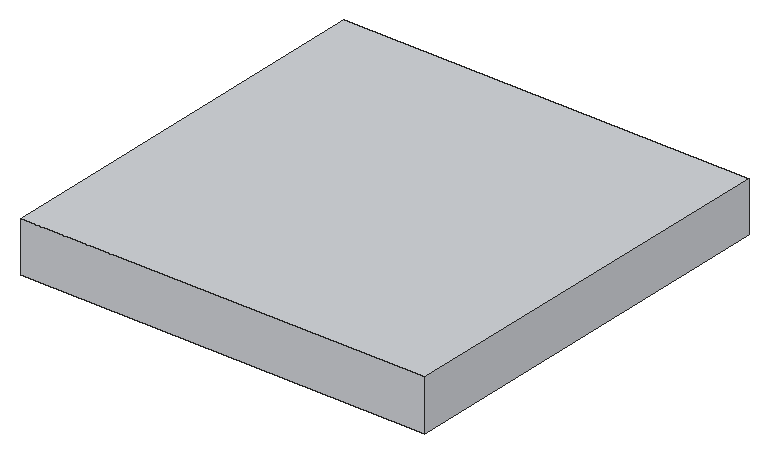
Revit family "11232809d0714c7cbbe253037fb58d5c", category Lighting Fixtures, host Face, Revit 2026
Family settings
  Host = Face
  Round Connector Dimension = Use Diameter
  Part Type = Normal
  Seek Item ID = Plain Surface Lighting Fixture-0000-CAN-ENU
  Cut with Voids When Loaded = No
  Light Source = Yes
  Maintain Annotation Orientation = No
  Shared = No
  Room Calculation Point = No
Parameters (values of type "1200x1200 - 120")
  Width 1 = Width / 2  # 600 mm
  Width = 1200 mm
  Wattage = 192 W
  built-in parameter 1150110 = 1 (stored number, unit not read)
  built-in parameter 1150109 = 1 (stored number, unit not read)
  built-in parameter 1150134 = 8
  built-in parameter 1150113 = 1 (stored number, unit not read)
  Tilt Angle = -90.00°
  Lumens = 18900.5 lm
  built-in parameter 1114217 = 0.88 (stored number, unit not read)
  built-in parameter 1150115 = 1 (stored number, unit not read)
  built-in parameter 1150105 = 1504.1 (stored number, unit not read)
  Load Classification = Lighting - Dwelling Unit
  built-in parameter 1150137 = 1
  built-in parameter 1150139 = (empty or 0)
  Length 1 = Length / 2  # 600 mm
  Length = 1200 mm
  Photometric Web File = "S4x46A12.ies"
  built-in parameter 1150112 = 1 (stored number, unit not read)
  built-in parameter 1150114 = 1 (stored number, unit not read)
  built-in parameter 1150132 = (empty or 0)
  built-in parameter 1150102 = (empty or 0)
  built-in parameter 1150138 = (empty or 0)
  built-in parameter 1150107 = 4230 (stored number, unit not read)
  built-in parameter 1150106 = 15.041 (stored number, unit not read)
  Emit from Rectangle Width = Width  # 1200 mm
  Emit from Rectangle Length = Length  # 1200 mm
  Emit Shape Visible in Rendering = no
  built-in parameter 1150104 = 9.1454 (stored number, unit not read)
  Dimming Lamp Color Temperature Shift = <None>
  Depth = 150 mm
  Default Elevation = 2000 mm
  Color Filter = 16777215
  built-in parameter 1140040 [instance] = 1
  Ballast Voltage = 120 V
  built-in parameter 1114218 = 0.88 (stored number, unit not read)
  built-in parameter 1150133 = 10 (stored number, unit not read)
  Apparent Load = 192 VA
Types (8, lengths in mm): name | Width 1 | Width | Wattage | built-in parameter 1150134 | Lumens | built-in parameter 1150105 | Length 1 | Length | Photometric Web File | built-in parameter 1150107 | built-in parameter 1150106 | Emit from Rectangle Width | Emit from Rectangle Length | built-in parameter 1150104 | Ballast Voltage | Apparent Load
  300x1200 - 120 | 150 | 300 | 64 W | 8 | 5800.32 lm | 461.57 (stored number, unit not read) | 600 | 1200 | "S1x42A12.ies" | 4230 (stored number, unit not read) | 4.6157 (stored number, unit not read) | 300 | 1200 | 8.4198 (stored number, unit not read) | 120 V | 64 VA
  300x1200 - 277 | 150 | 300 | 64 W | 8 | 5800.32 lm | 461.57 (stored number, unit not read) | 600 | 1200 | "S1x42A12.ies" | 4230 (stored number, unit not read) | 4.6157 (stored number, unit not read) | 300 | 1200 | 8.4198 (stored number, unit not read) | 277 V | 64 VA
  600x600 - 120 | 300 | 600 | 62 W | 8 | 5599.84 lm | 445.62 (stored number, unit not read) | 300 | 600 | "S2x22UA12.ies" | 4230 (stored number, unit not read) | 4.4562 (stored number, unit not read) | 600 | 600 | 8.391 (stored number, unit not read) | 120 V | 62 VA
  600x600 - 277 | 300 | 600 | 62 W | 8 | 5599.84 lm | 445.62 (stored number, unit not read) | 300 | 600 | "S2x22UA12.ies" | 4230 (stored number, unit not read) | 4.4562 (stored number, unit not read) | 600 | 600 | 8.391 (stored number, unit not read) | 277 V | 62 VA
  600x1200 - 120 | 300 | 600 | 96 W | 8 | 8700.48 lm | 692.36 (stored number, unit not read) | 600 | 1200 | "S2x43A12.ies" | 4230 (stored number, unit not read) | 6.9236 (stored number, unit not read) | 600 | 1200 | 8.4198 (stored number, unit not read) | 120 V | 96 VA
  600x1200 - 277 | 300 | 600 | 96 W | 8 | 8700.48 lm | 692.36 (stored number, unit not read) | 600 | 1200 | "S2x43A12.ies" | 4230 (stored number, unit not read) | 6.9236 (stored number, unit not read) | 600 | 1200 | 8.4198 (stored number, unit not read) | 277 V | 96 VA
  1200x1200 - 120 | 600 | 1200 | 192 W | 8 | 18900.5 lm | 1504.1 (stored number, unit not read) | 600 | 1200 | "S4x46A12.ies" | 4230 (stored number, unit not read) | 15.041 (stored number, unit not read) | 1200 | 1200 | 9.1454 (stored number, unit not read) | 120 V | 192 VA
  1200x1200 - 277 | 600 | 1200 | 192 W | (empty or 0) | 18900.5 lm | 1504.1 (stored number, unit not read) | 600 | 1200 | "S4x46A12.ies" | 3000 (stored number, unit not read) | 15.041 (stored number, unit not read) | 1200 | 1200 | 9.1454 (stored number, unit not read) | 277 V | 192 VA
Reference planes
  plane 1 "none": y = -461.479
  plane 2: z = 0
  plane 3 "Center (Left/Right)": x = -938.852
  plane 4 "Center (Front/Back)": y = 738.521
  plane 5: x = 261.148
  plane 6: z = 150
  plane 7: y = 138.521
  plane 8: x = -338.852
Forms (mm)
  Extrusion 1, solid
    sketch origin (0, 0, 0) x (1, 0, 0) y (0, 1, 0)
      loop
        line (-938.852, 738.521) -> (-938.852, -461.479) -> (261.148, -461.479) -> (261.148, 738.521) -> (-938.852, 738.521)
    from 0 to 150
Dimensions and locks
  "Width": plane 1 "none" to plane 4 "Center (Front/Back)"
  "Length": plane 3 "Center (Left/Right)" to plane 5
  "Depth": host face to plane 6
  "Width 1": plane 4 "Center (Front/Back)" to plane 7
  "Length 1": plane 3 "Center (Left/Right)" to plane 8
  aligned and locked: plane 2 to host face
  aligned and locked: level to host face
  aligned and locked: plane 3 "Center (Left/Right)" to Extrusion 1 sketch curve
  aligned and locked: Extrusion 1 sketch curve to plane 4 "Center (Front/Back)"
  aligned and locked: plane 1 "none" to Extrusion 1 sketch curve
  aligned and locked: Extrusion 1 sketch curve to plane 5
  aligned and locked: Extrusion 1 to plane 6
  aligned and locked: plane 7 to imposter light
  aligned and locked: plane 6 to imposter light
  aligned and locked: plane 8 to imposter light
Automatic sketch dimensions
  host sketch curve to host sketch curve = 3377.252 mm
  host sketch curve to host sketch curve = 2309.479 mm
Connectors
  electrical at (-338.852, 138.521, 150), driven by "Apparent Load", driven by "Ballast Voltage", driven by "Load Classification"
    settings: on Extrusion 1, index 1, voltage 120 V, apparent load 0 VA, apparent load phase1 192 VA, apparent load phase2 0 VA, apparent load phase3 0 VA, power factor 0.95, load classification "Lighting - Dwelling Unit", number of poles 1, system type 31, power factor state 1, is connector primary yes, connector utility no, sub classification motor no, connector description ""
